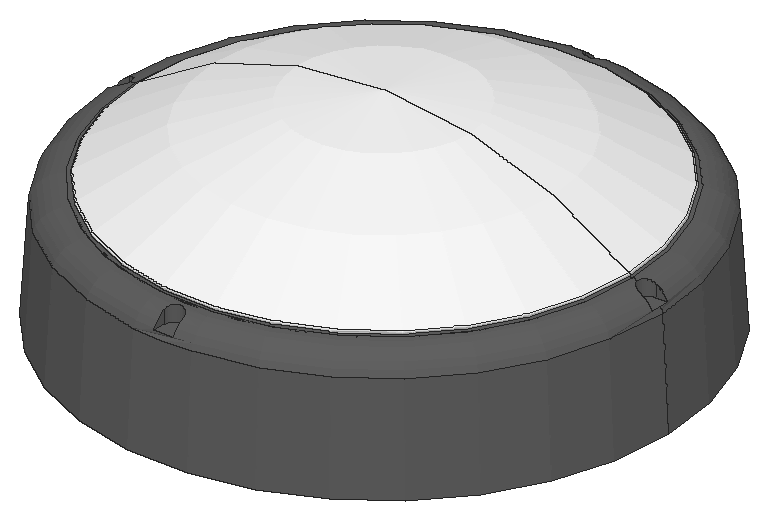
Revit family "4063831 Feilo Sylvania Lighting Fixtures STERLING BULKHEAD LED 3K BLK G2", category Lighting Fixtures, host Face, Revit 2017
Family settings
  Host = Face
  Round Connector Dimension = Use Diameter
  Part Type = Normal
  OmniClass Number = 23.80.70.00
  OmniClass Title = Lighting
  Cut with Voids When Loaded = No
  Light Source = Yes
  Shared = No
  Room Calculation Point = No
Parameters (values of type "4063831 STERLING BULKHEAD LED 3K BLK G2 High Efficiency ")
  Weight = "3.4 kg"
  Wattage Comments = "n/a"
  Wattage = 9 W
  WarrantyStartDate [instance] = "n/a"
  WarrantyGuarantorParts = "n/a"
  WarrantyDurationUnit = "n/a"
  WarrantyDurationParts = "n/a"
  WarrantyDescription = "n/a"
  built-in parameter 1150110 = 1 (stored number, unit not read)
  Voltage = 230 V
  URL = "http://www.sylvania-lighting.com"
  TypeName = "STERLING BULKHEAD LED 3K BLK G2"
  Type Image = <None>
  Type Comments = "n/a"
  built-in parameter 1114217 = 1 (stored number, unit not read)
  Tilt Angle = -90.00°
  built-in parameter 1150109 = 1 (stored number, unit not read)
  built-in parameter 1150134 = (empty or 0)
  built-in parameter 1150113 = 1 (stored number, unit not read)
  SerialNumber [instance] = "n/a"
  ReflectorMaterial = none
  PowerFactor = 0.98
  PowerConsumption = "9 W"
  Photometric Web File = "4063831-HE.ies"
  NominalLength = 350 mm
  NominalHeight = 350 mm
  NominalDepth = 128 mm
  Name = "STERLING BULKHEAD LED 3K BLK G2"
  ModelReference = Name  # "STERLING BULKHEAD LED 3K BLK G2"
  ModelNumber = "4063831"
  Model = Name  # "STERLING BULKHEAD LED 3K BLK G2"
  Material = "polycarbonate diffuser"
  ManufacturerName = "Feilo Sylvania"
  Manufacturer = "Feilo Sylvania"
  LuminousEfficacy = "78 lm/W"
  built-in parameter 1150105 = 55.863 (stored number, unit not read)
  Lumens = 702 lm
  LuminaireType = ""
  built-in parameter 1150115 = 1 (stored number, unit not read)
  LightOutputRatio = "100"
  built-in parameter 1150137 = (empty or 0)
  built-in parameter 1150139 = (empty or 0)
  LampsType = Lamp  # "LED"
  LampNominalLuminous = "684 lm"
  LampMacAdamStep = "n/a"
  LampColourTemperature = "3000 K"
  LampColourRenderingIndex = "80"
  built-in parameter 1150112 = 1 (stored number, unit not read)
  built-in parameter 1150114 = 1 (stored number, unit not read)
  Lamp = "LED"
  Keynote = "16500"
  InstallationDate [instance] = "n/a"
  InputVoltage = "230-240V~"
  InputNominalFrequency = "50/60 Hz"
  built-in parameter 1150132 = (empty or 0)
  built-in parameter 1150102 = (empty or 0)
  built-in parameter 1150107 = 3000 (stored number, unit not read)
  built-in parameter 1150138 = (empty or 0)
  IngressProtection = "IP65"
  ImpactProtectionIndex = "IK10"
  built-in parameter 1150106 = 0.55863 (stored number, unit not read)
  IfcExportType = "IfcLightFixtureType"
  IfcExportAs = "IfcLightFixtureType"
  ExpectedLife = 50000
  Emit from Circle Diameter = 280 mm
  Emit Shape Visible in Rendering = no
  ElectricShockClassification = "Class I"
  built-in parameter 1150104 = 7.2464 (stored number, unit not read)
  DurationUnit = "hours"
  DocumentationLiterature = "http://www.sylvania-lighting.com/product/en-int/products/4063831"
  DimmingControlOptions = "n/a"
  Dimming Lamp Color Temperature Shift = <None>
  DiffuserMaterial = Diffuser-Sylvania-SterlingBulkhead-Opal
  Description = "Led exterior bulkhead, Unique feature allowing a choice between High Output or High Efficiency with the flick of a switch, die-cast aluminium body, 684 / 1325LM, 9/17W, 76/78lm/W, 3000K, Driver Current: 350/750mA, CRI80, Non dimmable, IP65, IK10, 50,000hrs (L70), (HxWxD) 350 x 350 x 128mm,  3 step MacAdam ellipse, 3.4kg, RAL 9005, Class 1, 230V,  energy class: A++, A+, A"
  Default Elevation = 1219.2 mm
  CreatedOn = "22/11/2017"
  CreatedBy = ""
  Cost = 0
  Color Filter = 16777215
  built-in parameter 1114216 [instance] = (empty or 0)
  ClassificationValue = "EF_70_80"
  ClassificationName = "Uniclass2015"
  BodyMaterial = Body-Sylvania-SterlingBulkhead-Black
  BarCode [instance] = "n/a"
  built-in parameter 1114218 = 1 (stored number, unit not read)
  built-in parameter 1150133 = 10 (stored number, unit not read)
  AssetType = "Fixed"
  AssetIdentifier [instance] = "n/a"
  Assembly Code = "D5020200"
  Apparent Load = 9 VA
  AccessoryMaterial = none
Types (2, lengths in mm): name | Wattage | PowerConsumption | Photometric Web File | built-in parameter 1150105 | Lumens | LampNominalLuminous | built-in parameter 1150106 | Apparent Load
  4063831 STERLING BULKHEAD LED 3K BLK G2 High Efficiency | 9 W | "9 W" | "4063831-HE.ies" | 55.863 (stored number, unit not read) | 702 lm | "684 lm" | 0.55863 (stored number, unit not read) | 9 VA
  4063831 STERLING BULKHEAD LED 3K BLK G2 High Output | 17 W | "17 W" | "4063831-HO.ies" | 105.52 (stored number, unit not read) | 1326 lm | "1325 lm" | 1.0552 (stored number, unit not read) | 17 VA
Reference planes
  plane 1 "Center (Front/Back)": y = 0
  plane 2: z = 0
  plane 3 "Center (Left/Right)": x = 0
  plane 4: x = 175
  plane 5: x = -175
  plane 6: y = 175
  plane 7: y = -175
  plane 8: z = 128
  plane 9: z = 65
  plane 10: x = -153
  plane 11: x = 153
  plane 12: x = -171
  plane 13: x = 171
  plane 14: z = 78
  plane 15: x = -156
  plane 16: x = 156
  plane 17: y = -6
  plane 18: y = 6
  plane 19: z = 68
  plane 20: x = 6
  plane 21: x = -6
Forms (mm)
  Revolve 1, solid, material "Body-Sylvania-SterlingBulkhead-Black" <- "BodyMaterial"
    sketch origin (0, 0, 0) x (1, 0, 0) y (0, 0, 1)
      loop
        line (0, 0) -> (0, 78) -> (-153, 78)
        arc (-153, 78) -> (-164.102, 74.41) -> (-171, 65) r 18.962
        line (-171, 65) -> (-175, 0) -> (0, 0)
      axis (0, 78) -> (0, 0)
    angle from 360 to 0
  Revolve 2, solid, material "Diffuser-Sylvania-SterlingBulkhead-Opal" <- "DiffuserMaterial"
    sketch origin (0, 0, 0) x (1, 0, 0) y (0, 0, 1)
      loop
        arc (0, 128) -> (-78.944, 115.68) -> (-150.381, 79.892) r 259.09
        arc (-150.381, 79.892) -> (-150.768, 78.725) -> (-149.775, 78) r 1.043
        line (-149.775, 78) -> (0, 78) -> (0, 128)
      axis (0, 128) -> (0, 78)
    angle from 360 to 0
  Extrusion 3, void
    sketch origin (1223.4, -4572, 78) x (-1, 0, 0) y (0, -1, 0)
      loop
        line (1398.4, -4578) -> (1398.4, -4566) -> (1385.424, -4566)
        arc (1385.424, -4566) -> (1379.424, -4572) -> (1385.424, -4578) r 6
        line (1385.424, -4578) -> (1398.4, -4578)
      loop
        line (1048.4, -4566) -> (1048.4, -4578) -> (1061.4, -4578)
        arc (1061.4, -4578) -> (1067.4, -4572) -> (1061.4, -4566) r 6
        line (1061.4, -4566) -> (1048.4, -4566)
      loop
        line (1229.4, -4747) -> (1229.4, -4734)
        arc (1229.4, -4734) -> (1223.4, -4728) -> (1217.4, -4734) r 6
        line (1217.4, -4734) -> (1217.4, -4747) -> (1229.4, -4747)
      loop
        line (1229.4, -4397) -> (1217.4, -4397) -> (1217.4, -4410)
        arc (1217.4, -4410) -> (1223.4, -4416) -> (1229.4, -4410) r 6
        line (1229.4, -4410) -> (1229.4, -4397)
    from 0 to -10
Cuts and joins
  Extrusion 3 cuts Revolve 1
Dimensions and locks
  equal spacing: plane 5, plane 3 "Center (Left/Right)", plane 4
  locked: plane 5 to plane 4 at 350
  equal spacing: plane 7, plane 1 "Center (Front/Back)", plane 6
  locked: plane 7 to plane 6 at 350
  locked: plane 8 to plane 2 at 128
  locked: plane 9 to plane 2 at 65
  equal spacing: plane 11, plane 3 "Center (Left/Right)", plane 10
  locked: plane 10 to plane 5 at 22
  equal spacing: plane 13, plane 3 "Center (Left/Right)", plane 12
  locked: plane 12 to plane 5 at 4
  locked: plane 14 to plane 9 at 13
  locked: plane 8 to Revolve 2 sketch curve at 259.09
  equal spacing: plane 15, plane 3 "Center (Left/Right)", plane 16
  locked: plane 15 to plane 10 at 3
  equal spacing: plane 17, plane 1 "Center (Front/Back)", plane 18
  locked: plane 17 to plane 1 "Center (Front/Back)" at 6
  locked: plane 5 to Extrusion 3 sketch curve at 18.976
  locked: Extrusion 3 sketch curve to plane 4 at 19
  plane 19 to plane 9 = 3 mm
  equal spacing: plane 21, plane 3 "Center (Left/Right)", plane 20
  locked: plane 21 to plane 3 "Center (Left/Right)" at 6
  locked: Extrusion 3 sketch curve to plane 6 at 19
  locked: plane 7 to Extrusion 3 sketch curve at 13
  aligned and locked: plane 2 to host face
  aligned and locked: level to host face
  aligned and locked: Revolve 1 sketch curve to plane 3 "Center (Left/Right)"  (x2)
  aligned and locked: level to Revolve 1 sketch curve
  aligned and locked: plane 9 to Revolve 1 sketch curve
  aligned and locked: plane 10 to Revolve 1 sketch curve  (x2)
  aligned and locked: plane 14 to Revolve 1 sketch curve
  aligned and locked: Revolve 2 sketch curve to plane 3 "Center (Left/Right)"
  aligned and locked: plane 14 to Revolve 2 sketch curve
  aligned and locked: plane 3 "Center (Left/Right)" to Revolve 2 sketch curve  (x2)
  aligned and locked: Extrusion 3 sketch curve to plane 5
  aligned and locked: plane 18 to Extrusion 3 sketch curve
  aligned and locked: plane 17 to Extrusion 3 sketch curve  (x2)
  aligned and locked: plane 1 "Center (Front/Back)" to Extrusion 3 sketch curve  (x2)
  aligned and locked: plane 4 to Extrusion 3 sketch curve
  aligned and locked: Extrusion 3 sketch curve to plane 18
  aligned and locked: Extrusion 3 to plane 14
  aligned and locked: plane 19 to Extrusion 3
  aligned and locked: plane 21 to Extrusion 3 sketch curve  (x2)
  aligned and locked: plane 6 to Extrusion 3 sketch curve
  aligned and locked: Extrusion 3 sketch curve to plane 20
  aligned and locked: plane 3 "Center (Left/Right)" to Extrusion 3 sketch curve  (x2)
  aligned and locked: plane 7 to Extrusion 3 sketch curve
  aligned and locked: plane 20 to Extrusion 3 sketch curve
  aligned and locked: plane 3 "Center (Left/Right)" to imposter light
  aligned and locked: imposter light to plane 8
  aligned and locked: imposter light to plane 1 "Center (Front/Back)"
Automatic sketch dimensions
  host sketch curve to host sketch curve = 2438.4 mm  (x2)
  Revolve 1 sketch curve to plane 5 = 0 mm
  Revolve 1 sketch curve to plane 12 = 0 mm
  Revolve 1 sketch curve to level = 609.6 mm
  Revolve 1 sketch curve to plane 8 = 2481.058 mm
  Revolve 2 sketch curve to plane 8 = 0 mm
  Revolve 2 sketch curve to Revolve 2 sketch curve = 0.605 mm
  Revolve 2 sketch curve to Revolve 2 sketch curve = 478.51 mm
  Revolve 2 sketch curve to Revolve 2 sketch curve = 2481.058 mm
  Revolve 2 sketch curve to plane 14 = 1.043 mm
Connectors
  electrical at (0, 0, 0), driven by "Apparent Load", driven by "PowerFactor", driven by "Voltage"
    settings: index 1, voltage 230 V, apparent load 9 VA, apparent load phase1 0 VA, apparent load phase2 0 VA, apparent load phase3 0 VA, power factor 0.98, load classification "Lighting", number of poles 1, system type 30, power factor state 1, is connector primary yes, connector utility no, sub classification motor no, connector description ""
